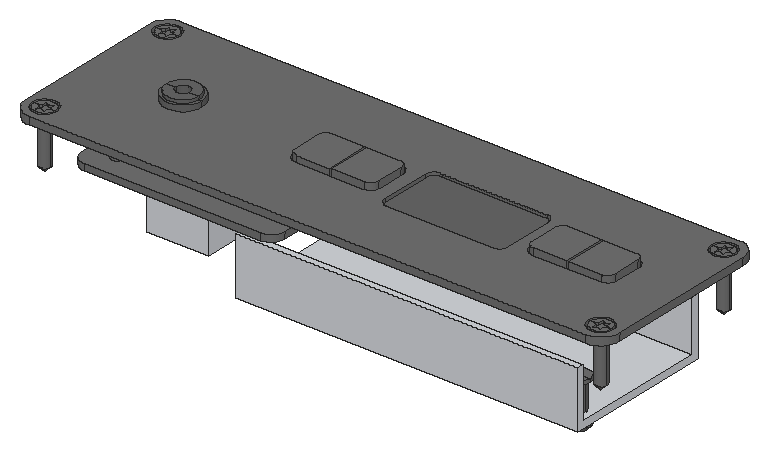
Revit family "71_98_0551", category Communication Devices, host Face, Revit 2015
Parameters
  Weight = 220
  Voltage = 48 V
  URL = "http://www.televic-conference.com"
  Type Comments = "Confidea Flushmount Channel Selector"
  Schroef = Basisplaat
  Scherm = Jack
  Product ID = "71.98.0551"
  Onderplaat = Inox
  Model = "Confidea F-CS"
  Manufacturer = "Televic Conference"
  Lengte = 155 mm
  Knoppen = Basisplaat
  Jack = Jack
  Diepte = 27.4 mm
  Default Elevation = 1219.2 mm
  Consumption = 2 W
  Breedte = 50 mm
  Basisplaat = Basisplaat
Reference planes
  plane 1 "Center (Front/Back)": y = 0
  plane 2: z = 0
  plane 3 "Center (Left/Right)": x = 0
  plane 4: x = -77.5
  plane 5: y = -25
  plane 6: y = 25
  plane 7: x = 77.5
  plane 8 "Bovenkant": z = 2
  plane 9: z = -25.4
Forms (mm)
  Extrusion 1, solid, material "Basisplaat" <- "Basisplaat"
    sketch origin (0, 0, 0) x (1, 0, 0) y (0, 1, 0)
      loop
        line (72.5, 25) -> (-72.5, 25)
        arc (-72.5, 25) -> (-76.036, 23.536) -> (-77.5, 20) r 5
        line (-77.5, 20) -> (-77.5, -20)
        arc (-77.5, -20) -> (-76.036, -23.536) -> (-72.5, -25) r 5
        line (-72.5, -25) -> (72.5, -25)
        arc (72.5, -25) -> (76.036, -23.536) -> (77.5, -20) r 5
        line (77.5, -20) -> (77.5, 20)
        arc (77.5, 20) -> (76.036, 23.536) -> (72.5, 25) r 5
    from 0 to 2
  Extrusion 2, void
    sketch origin (-37.319, 11.507, 0) x (1, 0, 0) y (0, 1, 0)
      loop
        circle (-35.181, 8.493) r 3.25
      loop
        circle (109.819, 8.493) r 3.25
      loop
        circle (-35.181, -31.507) r 3.25
      loop
        circle (109.819, -31.507) r 3.25
    from 1 to 2
  Revolve 3, solid, material "Basisplaat" <- "Schroef"
    sketch origin (0, -20, 0) x (1, 0, 0) y (0, 0, 1)
      loop
        line (-72.5, 2) -> (-75.2, 2) -> (-75.2, 1) -> (-74, 1) -> (-74, -11.5) -> (-72.5, -13) -> (-72.5, 2)
      axis (-72.5, 2) -> (-72.5, -13)
    angle from 0 to 360
  Extrusion 4, void
    sketch origin (0, 0, 0) x (1, 0, 0) y (0, 1, 0)
      loop
        line (-71.548, -21.654) -> (-71.483, -20.592) -> (-70.595, -20.004) -> (-71.483, -19.417) -> (-71.548, -18.355) -> (-72.5, -18.83) -> (-73.453, -18.355) -> (-73.518, -19.417) -> (-74.405, -20.004) -> (-73.518, -20.592) -> (-73.453, -21.654) -> (-72.5, -21.179) -> (-71.548, -21.654)
    from 1.5 to 2.5
  Revolve 5, solid, material "Basisplaat" <- "Schroef", not visible
    sketch origin (0, -20, 0) x (1, 0, 0) y (0, 0, 1)
      loop
        line (-72.5, 2) -> (-75.2, 2) -> (-75.2, 1) -> (-74, 1) -> (-74, -11.5) -> (-72.5, -13) -> (-72.5, 2)
      axis (-72.5, 2) -> (-72.5, -13)
    angle from 0 to 360
  Extrusion 6, void, not visible
    sketch origin (0, 0, 0) x (1, 0, 0) y (0, 1, 0)
      loop
        line (-71.548, -21.654) -> (-71.483, -20.592) -> (-70.595, -20.004) -> (-71.483, -19.417) -> (-71.548, -18.355) -> (-72.5, -18.83) -> (-73.453, -18.355) -> (-73.518, -19.417) -> (-74.405, -20.004) -> (-73.518, -20.592) -> (-73.453, -21.654) -> (-72.5, -21.179) -> (-71.548, -21.654)
    from 1.5 to 2.5
  Revolve 7, solid, material "Basisplaat" <- "Schroef"
    sketch origin (0, 20, 0) x (1, 0, 0) y (0, 0, 1)
      loop
        line (-72.5, 2) -> (-75.2, 2) -> (-75.2, 1) -> (-74, 1) -> (-74, -11.5) -> (-72.5, -13) -> (-72.5, 2)
      axis (-72.5, 2) -> (-72.5, -13)
    angle from 0 to 360
  Extrusion 8, void
    sketch origin (0, 40, 0) x (1, 0, 0) y (0, 1, 0)
      loop
        line (-71.548, -21.654) -> (-71.483, -20.592) -> (-70.595, -20.004) -> (-71.483, -19.417) -> (-71.548, -18.355) -> (-72.5, -18.83) -> (-73.453, -18.355) -> (-73.518, -19.417) -> (-74.405, -20.004) -> (-73.518, -20.592) -> (-73.453, -21.654) -> (-72.5, -21.179) -> (-71.548, -21.654)
    from 1.5 to 2.5
  Revolve 9, solid, material "Basisplaat" <- "Schroef"
    sketch origin (145, 20, 0) x (1, 0, 0) y (0, 0, 1)
      loop
        line (-72.5, 2) -> (-75.2, 2) -> (-75.2, 1) -> (-74, 1) -> (-74, -11.5) -> (-72.5, -13) -> (-72.5, 2)
      axis (-72.5, 2) -> (-72.5, -13)
    angle from 0 to 360
  Extrusion 10, void
    sketch origin (145, 40, 0) x (1, 0, 0) y (0, 1, 0)
      loop
        line (-71.548, -21.654) -> (-71.483, -20.592) -> (-70.595, -20.004) -> (-71.483, -19.417) -> (-71.548, -18.355) -> (-72.5, -18.83) -> (-73.453, -18.355) -> (-73.518, -19.417) -> (-74.405, -20.004) -> (-73.518, -20.592) -> (-73.453, -21.654) -> (-72.5, -21.179) -> (-71.548, -21.654)
    from 1.5 to 2.5
  Revolve 11, solid, material "Basisplaat" <- "Schroef"
    sketch origin (145, -20, 0) x (1, 0, 0) y (0, 0, 1)
      loop
        line (-72.5, 2) -> (-75.2, 2) -> (-75.2, 1) -> (-74, 1) -> (-74, -11.5) -> (-72.5, -13) -> (-72.5, 2)
      axis (-72.5, 2) -> (-72.5, -13)
    angle from 0 to 360
  Extrusion 12, void
    sketch origin (145, 0, 0) x (1, 0, 0) y (0, 1, 0)
      loop
        line (-71.548, -21.654) -> (-71.483, -20.592) -> (-70.595, -20.004) -> (-71.483, -19.417) -> (-71.548, -18.355) -> (-72.5, -18.83) -> (-73.453, -18.355) -> (-73.518, -19.417) -> (-74.405, -20.004) -> (-73.518, -20.592) -> (-73.453, -21.654) -> (-72.5, -21.179) -> (-71.548, -21.654)
    from 1.5 to 2.5
  Extrusion 13, void
    sketch origin (0, 0, 0) x (1, 0, 0) y (0, 1, 0)
      loop
        arc (-62.5, 21) -> (-66.036, 19.536) -> (-67.5, 16) r 5
        line (-67.5, 16) -> (-67.5, -16)
        arc (-67.5, -16) -> (-66.036, -19.536) -> (-62.5, -21) r 5
        line (-62.5, -21) -> (62.5, -21)
        arc (62.5, -21) -> (66.036, -19.536) -> (67.5, -16) r 5
        line (67.5, -16) -> (67.5, 16)
        arc (67.5, 16) -> (66.036, 19.536) -> (62.5, 21) r 5
        line (62.5, 21) -> (-62.5, 21)
    from 1.5 to -28
  Revolve 14, solid, material "Jack" <- "Jack"
    sketch origin (0, 0, 0) x (1, 0, 0) y (0, 0, 1)
      loop
        line (-54.3, 2) -> (-54.3, 4.3) -> (-56.709, 4.3) -> (-56.709, 3.5) -> (-57.5, 3.5) -> (-57.5, 2) -> (-54.3, 2)
      axis (-52.5, 2) -> (-52.5, 4.3)
    angle from 0 to 360
  Extrusion 15, void
    sketch origin (10.35, 0, 0) x (1, 0, 0) y (0, 1, 0)
      loop
        arc (-28.583, 6.2) -> (-30.35, 5.468) -> (-31.083, 3.7) r 2.5
        line (-31.083, 3.7) -> (-31.083, -3.7)
        arc (-31.083, -3.7) -> (-30.35, -5.468) -> (-28.583, -6.2) r 2.5
        line (-28.583, -6.2) -> (-10.883, -6.2)
        arc (-10.883, -6.2) -> (-9.115, -5.468) -> (-8.383, -3.7) r 2.5
        line (-8.383, -3.7) -> (-8.383, 3.7)
        arc (-8.383, 3.7) -> (-9.115, 5.468) -> (-10.883, 6.2) r 2.5
        line (-10.883, 6.2) -> (-28.583, 6.2)
    from 1 to 2.5
  Extrusion 16, solid, material "Basisplaat" <- "Knoppen"
    sketch origin (10.35, 0, 0) x (1, 0, 0) y (0, 1, 0)
      loop
        arc (-28.583, 5.7) -> (-29.997, 5.114) -> (-30.583, 3.7) r 2
        line (-30.583, 3.7) -> (-30.583, -3.7)
        arc (-30.583, -3.7) -> (-29.997, -5.114) -> (-28.583, -5.7) r 2
        line (-28.583, -5.7) -> (-19.933, -5.7) -> (-19.933, 5.7) -> (-28.583, 5.7)
      loop
        arc (-10.883, -5.7) -> (-9.468, -5.114) -> (-8.883, -3.7) r 2
        line (-8.883, -3.7) -> (-8.883, 3.7)
        arc (-8.883, 3.7) -> (-9.468, 5.114) -> (-10.883, 5.7) r 2
        line (-10.883, 5.7) -> (-19.533, 5.7) -> (-19.533, -5.7) -> (-10.883, -5.7)
    from 1.5 to 3.5
  Extrusion 17, void
    sketch origin (72.083, 0, 0) x (1, 0, 0) y (0, 1, 0)
      loop
        arc (-28.583, 6.2) -> (-30.35, 5.468) -> (-31.083, 3.7) r 2.5
        line (-31.083, 3.7) -> (-31.083, -3.7)
        arc (-31.083, -3.7) -> (-30.35, -5.468) -> (-28.583, -6.2) r 2.5
        line (-28.583, -6.2) -> (-10.883, -6.2)
        arc (-10.883, -6.2) -> (-9.115, -5.468) -> (-8.383, -3.7) r 2.5
        line (-8.383, -3.7) -> (-8.383, 3.7)
        arc (-8.383, 3.7) -> (-9.115, 5.468) -> (-10.883, 6.2) r 2.5
        line (-10.883, 6.2) -> (-28.583, 6.2)
    from 1 to 2.5
  Extrusion 18, solid, material "Basisplaat" <- "Knoppen"
    sketch origin (72.083, 0, 0) x (1, 0, 0) y (0, 1, 0)
      loop
        arc (-28.583, 5.7) -> (-29.997, 5.114) -> (-30.583, 3.7) r 2
        line (-30.583, 3.7) -> (-30.583, -3.7)
        arc (-30.583, -3.7) -> (-29.997, -5.114) -> (-28.583, -5.7) r 2
        line (-28.583, -5.7) -> (-19.933, -5.7) -> (-19.933, 5.7) -> (-28.583, 5.7)
      loop
        arc (-10.883, -5.7) -> (-9.468, -5.114) -> (-8.883, -3.7) r 2
        line (-8.883, -3.7) -> (-8.883, 3.7)
        arc (-8.883, 3.7) -> (-9.468, 5.114) -> (-10.883, 5.7) r 2
        line (-10.883, 5.7) -> (-19.533, 5.7) -> (-19.533, -5.7) -> (-10.883, -5.7)
    from 1.5 to 3.5
  Extrusion 19, void
    sketch origin (36.483, 0, 0) x (1, 0, 0) y (0, 1, 0)
      loop
        arc (-28.583, 8.95) -> (-30.35, 8.218) -> (-31.083, 6.45) r 2.5
        line (-31.083, 6.45) -> (-31.083, -6.45)
        arc (-31.083, -6.45) -> (-30.35, -8.218) -> (-28.583, -8.95) r 2.5
        line (-28.583, -8.95) -> (-1.383, -8.95)
        arc (-1.383, -8.95) -> (0.385, -8.218) -> (1.117, -6.45) r 2.5
        line (1.117, -6.45) -> (1.117, 6.45)
        arc (1.117, 6.45) -> (0.385, 8.218) -> (-1.383, 8.95) r 2.5
        line (-1.383, 8.95) -> (-28.583, 8.95)
    from 0.715 to 2.5
  Extrusion 20, solid, material "Jack" <- "Scherm"
    sketch origin (39.608, 0, 0) x (1, 0, 0) y (0, 1, 0)
      loop
        line (-31.708, -8.45) -> (-4.508, -8.45)
        arc (-4.508, -8.45) -> (-3.093, -7.864) -> (-2.508, -6.45) r 2
        line (-2.508, -6.45) -> (-2.508, 6.45)
        arc (-2.508, 6.45) -> (-3.093, 7.864) -> (-4.508, 8.45) r 2
        line (-4.508, 8.45) -> (-31.708, 8.45)
        arc (-31.708, 8.45) -> (-33.122, 7.864) -> (-33.708, 6.45) r 2
        line (-33.708, 6.45) -> (-33.708, -6.45)
        arc (-33.708, -6.45) -> (-33.122, -7.864) -> (-31.708, -8.45) r 2
    from 0 to 1.5
  Extrusion 21, void, not visible
    sketch origin (38.958, 0, 0) x (1, 0, 0) y (0, 1, 0)
      loop
        arc (-28.583, 8.95) -> (-30.35, 8.218) -> (-31.083, 6.45) r 2.5
        line (-31.083, 6.45) -> (-31.083, -6.45)
        arc (-31.083, -6.45) -> (-30.35, -8.218) -> (-28.583, -8.95) r 2.5
        line (-28.583, -8.95) -> (-1.383, -8.95)
        arc (-1.383, -8.95) -> (0.385, -8.218) -> (1.117, -6.45) r 2.5
        line (1.117, -6.45) -> (1.117, 6.45)
        arc (1.117, 6.45) -> (0.385, 8.218) -> (-1.383, 8.95) r 2.5
        line (-1.383, 8.95) -> (-28.583, 8.95)
    from 0.715 to 2.5
  Extrusion 22, solid, material "Jack" <- "Scherm", not visible
    sketch origin (42.083, 0, 0) x (1, 0, 0) y (0, 1, 0)
      loop
        line (-31.708, -8.45) -> (-4.508, -8.45)
        arc (-4.508, -8.45) -> (-3.093, -7.864) -> (-2.508, -6.45) r 2
        line (-2.508, -6.45) -> (-2.508, 6.45)
        arc (-2.508, 6.45) -> (-3.093, 7.864) -> (-4.508, 8.45) r 2
        line (-4.508, 8.45) -> (-31.708, 8.45)
        arc (-31.708, 8.45) -> (-33.122, 7.864) -> (-33.708, 6.45) r 2
        line (-33.708, 6.45) -> (-33.708, -6.45)
        arc (-33.708, -6.45) -> (-33.122, -7.864) -> (-31.708, -8.45) r 2
    from 0 to 1.5
  Extrusion 23, solid, material "Basisplaat" <- "Basisplaat"
    sketch origin (0, 0, 0) x (1, 0, 0) y (0, 1, 0)
      loop
        arc (-62.5, 19.5) -> (-64.975, 18.475) -> (-66, 16) r 3.5
        line (-66, 16) -> (-66, -16)
        arc (-66, -16) -> (-64.975, -18.475) -> (-62.5, -19.5) r 3.5
        line (-62.5, -19.5) -> (-16.55, -19.5)
        arc (-16.55, -19.5) -> (-14.075, -18.475) -> (-13.05, -16) r 3.5
        line (-13.05, -16) -> (-13.05, 16)
        arc (-13.05, 16) -> (-14.075, 18.475) -> (-16.55, 19.5) r 3.5
        line (-16.55, 19.5) -> (-62.5, 19.5)
    from -9.7 to -8
  Extrusion 24, solid
    sketch origin (0, 0, 0) x (1, 0, 0) y (0, 1, 0)
      loop
        line (-55.417, 8) -> (-55.417, -8) -> (-39.417, -8) -> (-39.417, 8) -> (-55.417, 8)
    from -26.5 to -9.7
  Extrusion 25, solid
    sketch origin (0, 0, 0) x (0, 1, 0) y (0, 0, 1)
      loop
        line (-19.5, -10.4) -> (-19.5, -25.4) -> (19.5, -25.4) -> (19.5, -10.4) -> (17.8, -10.4) -> (17.8, -23.7) -> (-17.8, -23.7) -> (-17.8, -10.4) -> (-19.5, -10.4)
    from -23 to 66
  Revolve 26, solid, material "Basisplaat" <- "Schroef"
    sketch origin (-131.746, -13.125, -10.5) x (-1, 0, 0) y (0, 0, -1)
      loop
        line (-74.622, 1.547) -> (-75.2, 0.721) -> (-75.2, -0.8) -> (-74, -0.8) -> (-74, -9.7) -> (-75.2, -9.7) -> (-75.2, -10.5) -> (-72.5, -10.5) -> (-72.5, 1.547) -> (-74.622, 1.547)
      axis (-72.5, 1.547) -> (-72.5, -10.5)
    angle from 0 to 360
  Revolve 27, solid, material "Basisplaat" <- "Schroef"
    sketch origin (-91.75, 14.375, -26.2) x (-1, 0, 0) y (0, 0, -1)
      loop
        line (-74.622, 1.547) -> (-75.2, 0.721) -> (-75.2, -0.8) -> (-74, -0.8) -> (-74, -9.7) -> (-75.2, -9.7) -> (-75.2, -10.5) -> (-72.5, -10.5) -> (-72.5, 1.547) -> (-74.622, 1.547)
      axis (-72.5, 1.547) -> (-72.5, -10.5)
    angle from 0 to 360
  Revolve 28, solid, material "Basisplaat" <- "Schroef"
    sketch origin (134.75, -14.063, -26.2) x (1, 0, 0) y (0, 0, 1)
      loop
        line (-74.622, -1.547) -> (-72.5, -1.547) -> (-72.5, 10.5) -> (-75.2, 10.5) -> (-75.2, 9.7) -> (-74, 9.7) -> (-74, 0.8) -> (-75.2, 0.8) -> (-75.2, -0.721) -> (-74.622, -1.547)
      axis (-72.5, -1.547) -> (-72.5, 10.5)
    angle from 0 to 360
  Revolve 29, solid, material "Basisplaat" <- "Schroef"
    sketch origin (-131.746, 13.125, -10.5) x (-1, 0, 0) y (0, 0, 1)
      loop
        line (-74.622, -1.547) -> (-72.5, -1.547) -> (-72.5, 10.5) -> (-75.2, 10.5) -> (-75.2, 9.7) -> (-74, 9.7) -> (-74, 0.8) -> (-75.2, 0.8) -> (-75.2, -0.721) -> (-74.622, -1.547)
      axis (-72.5, -1.547) -> (-72.5, 10.5)
    angle from 0 to 360
  Extrusion 30, void, not visible
    sketch origin (10.35, 0, 0) x (1, 0, 0) y (0, 1, 0)
      loop
        arc (-28.583, 6.2) -> (-30.35, 5.468) -> (-31.083, 3.7) r 2.5
        line (-31.083, 3.7) -> (-31.083, -3.7)
        arc (-31.083, -3.7) -> (-30.35, -5.468) -> (-28.583, -6.2) r 2.5
        line (-28.583, -6.2) -> (-10.883, -6.2)
        arc (-10.883, -6.2) -> (-9.115, -5.468) -> (-8.383, -3.7) r 2.5
        line (-8.383, -3.7) -> (-8.383, 3.7)
        arc (-8.383, 3.7) -> (-9.115, 5.468) -> (-10.883, 6.2) r 2.5
        line (-10.883, 6.2) -> (-28.583, 6.2)
    from 1 to 2.5
  Extrusion 31, solid, material "Basisplaat" <- "Knoppen", not visible
    sketch origin (10.35, 0, 0) x (1, 0, 0) y (0, 1, 0)
      loop
        arc (-28.583, 5.7) -> (-29.997, 5.114) -> (-30.583, 3.7) r 2
        line (-30.583, 3.7) -> (-30.583, -3.7)
        arc (-30.583, -3.7) -> (-29.997, -5.114) -> (-28.583, -5.7) r 2
        line (-28.583, -5.7) -> (-19.933, -5.7) -> (-19.933, 5.7) -> (-28.583, 5.7)
      loop
        arc (-10.883, -5.7) -> (-9.468, -5.114) -> (-8.883, -3.7) r 2
        line (-8.883, -3.7) -> (-8.883, 3.7)
        arc (-8.883, 3.7) -> (-9.468, 5.114) -> (-10.883, 5.7) r 2
        line (-10.883, 5.7) -> (-19.533, 5.7) -> (-19.533, -5.7) -> (-10.883, -5.7)
    from 1.5 to 3.5
  Extrusion 32, void, not visible
    sketch origin (-11.117, -21.138, 61.189) x (1, 0, 0) y (0, 0.5, 0.866025)
      loop
        arc (-28.583, 6.2) -> (-30.35, 5.468) -> (-31.083, 3.7) r 2.5
        line (-31.083, 3.7) -> (-31.083, -3.7)
        arc (-31.083, -3.7) -> (-30.35, -5.468) -> (-28.583, -6.2) r 2.5
        line (-28.583, -6.2) -> (-21.183, -6.2)
        arc (-21.183, -6.2) -> (-19.415, -5.468) -> (-18.683, -3.7) r 2.5
        line (-18.683, -3.7) -> (-18.683, 3.7)
        arc (-18.683, 3.7) -> (-19.415, 5.468) -> (-21.183, 6.2) r 2.5
        line (-21.183, 6.2) -> (-28.583, 6.2)
    from 1.5 to 2.5
  Extrusion 33, solid, material "Basisplaat" <- "Knoppen", not visible
    sketch origin (-11.117, -21.138, 61.189) x (1, 0, 0) y (0, 0.5, 0.866025)
      loop
        arc (-28.583, 5.7) -> (-29.997, 5.114) -> (-30.583, 3.7) r 2
        line (-30.583, 3.7) -> (-30.583, -3.7)
        arc (-30.583, -3.7) -> (-29.997, -5.114) -> (-28.583, -5.7) r 2
        line (-28.583, -5.7) -> (-21.183, -5.7)
        arc (-21.183, -5.7) -> (-19.768, -5.114) -> (-19.183, -3.7) r 2
        line (-19.183, -3.7) -> (-19.183, 3.7)
        arc (-19.183, 3.7) -> (-19.768, 5.114) -> (-21.183, 5.7) r 2
        line (-21.183, 5.7) -> (-28.583, 5.7)
    from 1.5 to 3.5
Cuts and joins
  Extrusion 4, Extrusion 8 cuts Revolve 3
  Extrusion 8, Extrusion 10 cuts Revolve 7
  Extrusion 10, Extrusion 12 cuts Revolve 9
  Extrusion 12 cuts Revolve 11
  Extrusion 2, Extrusion 15, Extrusion 17, Extrusion 19 cuts Extrusion 1
  Extrusion 17 cuts Extrusion 16
  Extrusion 19 cuts Extrusion 18
Lines and regions (mm)
  reference lines
    curve 1: line (-72.5, -30, 0) -> (-72.5, 35, 0)
    curve 2: line (72.5, 35, 0) -> (72.5, -30, 0)
    curve 3: line (-87.5, -20, 0) -> (87.5, -20, 0)
    curve 4: line (87.5, 20, 0) -> (-87.5, 20, 0)
    curve 14: line (21.5, 17.109, 0) -> (21.5, -35.262, 0)
  model lines, style "InvisibleLines"
    curve 5: arc (-71, 20, 0) -> (-72.5, 18.5, 0) -> (-74, 20, 0) r 1.5
    curve 6: arc (-74, -20, 0) -> (-72.5, -18.5, 0) -> (-71, -20, 0) r 1.5
    curve 7: arc (-71, -20, 0) -> (-72.5, -21.5, 0) -> (-74, -20, 0) r 1.5
    curve 10: arc (71, 20, 0) -> (72.5, 21.5, 0) -> (74, 20, 0) r 1.5
    curve 11: arc (74, 20, 0) -> (72.5, 18.5, 0) -> (71, 20, 0) r 1.5
    curve 12: arc (71, -20, 0) -> (72.5, -18.5, 0) -> (74, -20, 0) r 1.5
    curve 13: arc (74, -20, 0) -> (72.5, -21.5, 0) -> (71, -20, 0) r 1.5
    curve 15: arc (-60.746, -20, 0) -> (-59.246, -18.5, 0) -> (-57.746, -20, 0) r 1.5
    curve 16: arc (-57.746, -20, 0) -> (-59.246, -21.5, 0) -> (-60.746, -20, 0) r 1.5
  model lines, style "InvisibleLines", not visible
    curve 8: arc (-74, -20, 0) -> (-72.5, -18.5, 0) -> (-71, -20, 0) r 1.5
    curve 9: arc (-71, -20, 0) -> (-72.5, -21.5, 0) -> (-74, -20, 0) r 1.5
  model lines
    curve 17: line (-16.68, 0, 3.5) -> (-13.253, 4.085, 3.5)
    curve 18: line (-16.68, 0, 3.5) -> (-13.253, -4.085, 3.5)
    curve 19: line (-15.649, 0, 3.5) -> (-12.692, 3.524, 3.5)
    curve 20: line (-15.649, 0, 3.5) -> (-12.692, -3.524, 3.5)
    curve 21: line (-13.253, -4.085, 3.5) -> (-12.692, -3.524, 3.5)
    curve 22: line (-13.253, 4.085, 3.5) -> (-12.692, 3.524, 3.5)
    curve 23: line (-2.085, 0, 3.5) -> (-5.513, 4.085, 3.5)
    curve 24: line (-2.085, 0, 3.5) -> (-5.513, -4.085, 3.5)
    curve 25: line (-3.116, 0, 3.5) -> (-6.074, 3.524, 3.5)
    curve 26: line (-3.116, 0, 3.5) -> (-6.074, -3.524, 3.5)
    curve 27: line (-5.513, -4.085, 3.5) -> (-6.074, -3.524, 3.5)
    curve 28: line (-5.513, 4.085, 3.5) -> (-6.074, 3.524, 3.5)
    curve 29: line (45.052, 0, 3.5) -> (48.48, 4.085, 3.5)
    curve 30: line (45.052, 0, 3.5) -> (48.48, -4.085, 3.5)
    curve 31: line (46.084, 0, 3.5) -> (49.041, 3.524, 3.5)
    curve 32: line (46.084, 0, 3.5) -> (49.041, -3.524, 3.5)
    curve 33: line (48.48, -4.085, 3.5) -> (49.041, -3.524, 3.5)
    curve 34: line (48.48, 4.085, 3.5) -> (49.041, 3.524, 3.5)
    curve 35: line (59.648, 0, 3.5) -> (56.22, 4.085, 3.5)
    curve 36: line (59.648, 0, 3.5) -> (56.22, -4.085, 3.5)
    curve 37: line (58.616, 0, 3.5) -> (55.659, 3.524, 3.5)
    curve 38: line (58.616, 0, 3.5) -> (55.659, -3.524, 3.5)
    curve 39: line (56.22, -4.085, 3.5) -> (55.659, -3.524, 3.5)
    curve 40: line (56.22, 4.085, 3.5) -> (55.659, 3.524, 3.5)
  model lines, not visible
    curve 41: line (-16.68, 0, 3.5) -> (-13.253, 4.085, 3.5)
    curve 42: line (-16.68, 0, 3.5) -> (-13.253, -4.085, 3.5)
    curve 43: line (-15.649, 0, 3.5) -> (-12.692, 3.524, 3.5)
    curve 44: line (-15.649, 0, 3.5) -> (-12.692, -3.524, 3.5)
    curve 45: line (-13.253, -4.085, 3.5) -> (-12.692, -3.524, 3.5)
    curve 46: line (-13.253, 4.085, 3.5) -> (-12.692, 3.524, 3.5)
    curve 47: line (-2.085, 0, 3.5) -> (-5.513, 4.085, 3.5)
    curve 48: line (-2.085, 0, 3.5) -> (-5.513, -4.085, 3.5)
    curve 49: line (-3.116, 0, 3.5) -> (-6.074, 3.524, 3.5)
    curve 50: line (-3.116, 0, 3.5) -> (-6.074, -3.524, 3.5)
    curve 51: line (-5.513, -4.085, 3.5) -> (-6.074, -3.524, 3.5)
    curve 52: line (-5.513, 4.085, 3.5) -> (-6.074, 3.524, 3.5)
Dimensions and locks
  equal spacing: plane 4, plane 3 "Center (Left/Right)", plane 7
  "Lengte": plane 4 to plane 7
  equal spacing: plane 5, plane 1 "Center (Front/Back)", plane 6
  "Breedte": plane 5 to plane 6
  "Diepte": plane 8 "Bovenkant" to plane 9
  plane 4 to Extrusion 13 sketch curve = 10 mm
  Extrusion 13 sketch curve to plane 7 = 10 mm
  Extrusion 13 sketch curve to plane 5 = 4 mm
  Extrusion 13 sketch curve to plane 6 = 4 mm
  Extrusion 15 sketch curve to Extrusion 15 sketch curve = 12.4 mm
  Extrusion 15 sketch curve to Extrusion 15 sketch curve = 22.7 mm
  Extrusion 16 sketch curve to Extrusion 16 sketch curve = 11.4 mm
  Extrusion 17 sketch curve to Extrusion 17 sketch curve = 12.4 mm
  Extrusion 17 sketch curve to Extrusion 17 sketch curve = 22.7 mm
  Extrusion 18 sketch curve to Extrusion 18 sketch curve = 11.4 mm
  Extrusion 19 sketch curve to Extrusion 19 sketch curve = 17.9 mm
  Extrusion 19 sketch curve to Extrusion 19 sketch curve = 32.2 mm
  Extrusion 21 sketch curve to Extrusion 21 sketch curve = 17.9 mm
  Extrusion 21 sketch curve to Extrusion 21 sketch curve = 32.2 mm
  Extrusion 30 sketch curve to Extrusion 30 sketch curve = 12.4 mm
  Extrusion 30 sketch curve to Extrusion 30 sketch curve = 22.7 mm
  Extrusion 31 sketch curve to Extrusion 31 sketch curve = 11.4 mm
  Extrusion 32 sketch curve to Extrusion 32 sketch curve = 12.4 mm  (x2)
  Extrusion 33 sketch curve to Extrusion 33 sketch curve = 11.4 mm
  aligned and locked: plane 2 to host face
  aligned and locked: level to host face
  aligned and locked: Extrusion 1 sketch curve to plane 7
  aligned and locked: Extrusion 1 sketch curve to plane 5
  aligned and locked: Extrusion 1 sketch curve to plane 4
  aligned and locked: Extrusion 1 sketch curve to plane 6
  aligned and locked: curve 3 to Revolve 3
Automatic sketch dimensions
  Revolve 3 sketch curve to Revolve 3 sketch curve = 1.5 mm  (x2)
  Extrusion 4 sketch curve to Extrusion 4 sketch curve = 0.888 mm  (x3)
  Extrusion 4 sketch curve to Extrusion 4 sketch curve = 0.065 mm  (x4)
  Extrusion 4 sketch curve to Extrusion 4 sketch curve = 0.952 mm  (x2)
  Extrusion 4 sketch curve to Extrusion 4 sketch curve = 0.953 mm  (x2)
  Extrusion 4 sketch curve to Extrusion 4 sketch curve = 0 mm
  Extrusion 4 sketch curve to Extrusion 4 sketch curve = 0.475 mm
  Extrusion 4 sketch curve to Extrusion 4 sketch curve = 1.062 mm  (x4)
  Extrusion 4 sketch curve to Extrusion 4 sketch curve = 0.587 mm  (x5)
  Revolve 3 sketch curve to Revolve 3 sketch curve = 1.2 mm
  Revolve 3 sketch curve to Revolve 3 sketch curve = 12.5 mm
  Revolve 3 sketch curve to Revolve 3 sketch curve = 1 mm
  Revolve 3 sketch curve to Revolve 3 sketch curve = 0 mm
  Revolve 3 sketch curve to Revolve 3 sketch curve = 7.636 mm
  Revolve 3 sketch curve to Revolve 3 sketch curve = 5.441 mm
  Revolve 5 sketch curve to Revolve 5 sketch curve = 1.5 mm  (x2)
  Extrusion 6 sketch curve to Extrusion 6 sketch curve = 0.888 mm  (x3)
  Extrusion 6 sketch curve to Extrusion 6 sketch curve = 0.065 mm  (x4)
  Extrusion 6 sketch curve to Extrusion 6 sketch curve = 0.952 mm  (x2)
  Extrusion 6 sketch curve to Extrusion 6 sketch curve = 0.953 mm  (x2)
  Extrusion 6 sketch curve to Extrusion 6 sketch curve = 0 mm
  Extrusion 6 sketch curve to Extrusion 6 sketch curve = 0.475 mm
  Extrusion 6 sketch curve to Extrusion 6 sketch curve = 1.062 mm  (x4)
  Extrusion 6 sketch curve to Extrusion 6 sketch curve = 0.587 mm  (x5)
  Revolve 5 sketch curve to Revolve 5 sketch curve = 1.2 mm
  Revolve 5 sketch curve to Revolve 5 sketch curve = 12.5 mm
  Revolve 5 sketch curve to Revolve 5 sketch curve = 1 mm
  Revolve 5 sketch curve to Revolve 5 sketch curve = 0 mm
  Revolve 5 sketch curve to Revolve 5 sketch curve = 7.636 mm
  Revolve 5 sketch curve to Revolve 5 sketch curve = 5.441 mm
  Revolve 7 sketch curve to Revolve 7 sketch curve = 1.5 mm  (x2)
  Extrusion 8 sketch curve to Extrusion 8 sketch curve = 0.888 mm  (x3)
  Extrusion 8 sketch curve to Extrusion 8 sketch curve = 0.065 mm  (x4)
  Extrusion 8 sketch curve to Extrusion 8 sketch curve = 0.952 mm  (x2)
  Extrusion 8 sketch curve to Extrusion 8 sketch curve = 0.953 mm  (x2)
  Extrusion 8 sketch curve to Extrusion 8 sketch curve = 0 mm
  Extrusion 8 sketch curve to Extrusion 8 sketch curve = 0.475 mm
  Extrusion 8 sketch curve to Extrusion 8 sketch curve = 1.062 mm  (x4)
  Extrusion 8 sketch curve to Extrusion 8 sketch curve = 0.587 mm  (x5)
  Revolve 7 sketch curve to Revolve 7 sketch curve = 1.2 mm
  Revolve 7 sketch curve to Revolve 7 sketch curve = 12.5 mm
  Revolve 7 sketch curve to Revolve 7 sketch curve = 1 mm
  Revolve 7 sketch curve to Revolve 7 sketch curve = 0 mm
  Revolve 7 sketch curve to Revolve 7 sketch curve = 7.636 mm
  Revolve 7 sketch curve to Revolve 7 sketch curve = 5.441 mm
  Revolve 9 sketch curve to Revolve 9 sketch curve = 1.5 mm  (x2)
  Extrusion 10 sketch curve to Extrusion 10 sketch curve = 0.888 mm  (x3)
  Extrusion 10 sketch curve to Extrusion 10 sketch curve = 0.065 mm  (x4)
  Extrusion 10 sketch curve to Extrusion 10 sketch curve = 0.952 mm  (x2)
  Extrusion 10 sketch curve to Extrusion 10 sketch curve = 0.953 mm  (x2)
  Extrusion 10 sketch curve to Extrusion 10 sketch curve = 0 mm
  Extrusion 10 sketch curve to Extrusion 10 sketch curve = 0.475 mm
  Extrusion 10 sketch curve to Extrusion 10 sketch curve = 1.062 mm  (x4)
  Extrusion 10 sketch curve to Extrusion 10 sketch curve = 0.587 mm  (x5)
  Revolve 9 sketch curve to Revolve 9 sketch curve = 1.2 mm
  Revolve 9 sketch curve to Revolve 9 sketch curve = 12.5 mm
  Revolve 9 sketch curve to Revolve 9 sketch curve = 1 mm
  Revolve 9 sketch curve to Revolve 9 sketch curve = 0 mm
  Revolve 9 sketch curve to Revolve 9 sketch curve = 7.636 mm
  Revolve 9 sketch curve to Revolve 9 sketch curve = 5.441 mm
  Revolve 11 sketch curve to Revolve 11 sketch curve = 1.5 mm  (x2)
  Extrusion 12 sketch curve to Extrusion 12 sketch curve = 0.888 mm  (x3)
  Extrusion 12 sketch curve to Extrusion 12 sketch curve = 0.065 mm  (x4)
  Extrusion 12 sketch curve to Extrusion 12 sketch curve = 0.952 mm  (x2)
  Extrusion 12 sketch curve to Extrusion 12 sketch curve = 0.953 mm  (x2)
  Extrusion 12 sketch curve to Extrusion 12 sketch curve = 0 mm
  Extrusion 12 sketch curve to Extrusion 12 sketch curve = 0.475 mm
  Extrusion 12 sketch curve to Extrusion 12 sketch curve = 1.062 mm  (x4)
  Extrusion 12 sketch curve to Extrusion 12 sketch curve = 0.587 mm  (x5)
  Revolve 11 sketch curve to Revolve 11 sketch curve = 1.2 mm
  Revolve 11 sketch curve to Revolve 11 sketch curve = 12.5 mm
  Revolve 11 sketch curve to Revolve 11 sketch curve = 1 mm
  Revolve 11 sketch curve to Revolve 11 sketch curve = 0 mm
  Revolve 11 sketch curve to Revolve 11 sketch curve = 7.636 mm
  Revolve 11 sketch curve to Revolve 11 sketch curve = 5.441 mm
  curve 7 to curve 6 = 1.5 mm
  curve 6 to curve 7 = 0 mm  (x2)
  curve 9 to curve 8 = 1.5 mm
  curve 8 to curve 9 = 0 mm  (x2)
  curve 11 to curve 10 = 1.5 mm
  curve 10 to curve 11 = 0 mm  (x2)
  curve 13 to curve 12 = 1.5 mm
  curve 12 to curve 13 = 0 mm  (x2)
  Extrusion 19 sketch curve to Extrusion 19 sketch curve = 2.5 mm  (x3)
  Extrusion 19 sketch curve to Extrusion 19 sketch curve = 0 mm
  Extrusion 20 sketch curve to Extrusion 20 sketch curve = 2 mm  (x3)
  Extrusion 20 sketch curve to Extrusion 20 sketch curve = 27.2 mm
  Extrusion 20 sketch curve to Extrusion 20 sketch curve = 0 mm
  Extrusion 20 sketch curve to Extrusion 20 sketch curve = 12.9 mm
  Extrusion 21 sketch curve to Extrusion 21 sketch curve = 2.5 mm  (x3)
  Extrusion 21 sketch curve to Extrusion 21 sketch curve = 0 mm
  Extrusion 22 sketch curve to Extrusion 22 sketch curve = 2 mm  (x3)
  Extrusion 22 sketch curve to Extrusion 22 sketch curve = 27.2 mm
  Extrusion 22 sketch curve to Extrusion 22 sketch curve = 0 mm
  Extrusion 22 sketch curve to Extrusion 22 sketch curve = 12.9 mm
  curve 15 to curve 16 = 1.5 mm
  curve 15 to curve 16 = 0 mm  (x2)
  plane 5 to curve 16 = 5 mm
  plane 4 to curve 16 = 18.254 mm
  curve 16 to curve 15 = 1.5 mm
  host sketch curve to host sketch curve = 232.853 mm
  host sketch curve to host sketch curve = 311.115 mm
  plane 4 to Extrusion 1 sketch curve = 5 mm
  Extrusion 1 sketch curve to Extrusion 1 sketch curve = 5 mm  (x2)
  Extrusion 1 sketch curve to plane 7 = 5 mm
  Extrusion 1 sketch curve to Extrusion 1 sketch curve = 0 mm
  plane 4 to Extrusion 2 sketch curve = 5 mm  (x2)
  Extrusion 2 sketch curve to plane 7 = 5 mm  (x2)
  plane 5 to Extrusion 2 sketch curve = 5 mm  (x2)
  plane 6 to Extrusion 2 sketch curve = 5 mm  (x2)
  curve 3 to plane 4 = 10 mm
  curve 14 to plane 5 = 10.262 mm
  curve 4 to plane 4 = 10 mm
  plane 4 to curve 1 = 5 mm
  plane 6 to curve 14 = 7.891 mm
  plane 3 "Center (Left/Right)" to curve 14 = 21.5 mm
  curve 2 to plane 7 = 5 mm
  plane 5 to curve 3 = 5 mm
  plane 7 to curve 3 = 10 mm
  plane 6 to curve 4 = 5 mm
  plane 7 to curve 4 = 10 mm
  curve 1 to plane 5 = 5 mm
  curve 2 to plane 5 = 5 mm
  curve 1 to plane 6 = 10 mm
  curve 2 to plane 6 = 10 mm
  Extrusion 13 sketch curve to Extrusion 13 sketch curve = 5 mm  (x4)
  Revolve 14 sketch curve to plane 8 "Bovenkant" = 0 mm
  plane 4 to Revolve 14 sketch curve = 20 mm
  Revolve 14 sketch curve to Revolve 14 sketch curve = 0.791 mm
  Revolve 14 sketch curve to Revolve 14 sketch curve = 2.409 mm
  Revolve 14 sketch curve to Revolve 14 sketch curve = 1.5 mm
  Revolve 14 sketch curve to Revolve 14 sketch curve = 2.3 mm
  Revolve 14 sketch curve to Revolve 14 sketch curve = 1.8 mm
  Revolve 14 sketch curve to level = 5.473 mm
  Revolve 14 sketch curve to Revolve 14 sketch curve = 6.121 mm
  plane 4 to Extrusion 23 sketch curve = 11.5 mm
  Extrusion 23 sketch curve to Extrusion 23 sketch curve = 3.5 mm  (x3)
  plane 5 to Extrusion 23 sketch curve = 5.5 mm
  Extrusion 23 sketch curve to plane 3 "Center (Left/Right)" = 16.55 mm  (x2)
  plane 6 to Extrusion 23 sketch curve = 9 mm
  plane 1 "Center (Front/Back)" to Extrusion 24 sketch curve = 8 mm
  plane 4 to Extrusion 24 sketch curve = 22.083 mm
  Extrusion 24 sketch curve to Extrusion 24 sketch curve = 16 mm
  Extrusion 24 sketch curve to plane 1 "Center (Front/Back)" = 8 mm
  Extrusion 25 sketch curve to plane 9 = 0 mm
  plane 5 to Extrusion 25 sketch curve = 5.5 mm
  Extrusion 25 sketch curve to Extrusion 25 sketch curve = 1.7 mm  (x2)
  plane 9 to Extrusion 25 sketch curve = 1.7 mm
  plane 6 to Extrusion 25 sketch curve = 7.2 mm
  Extrusion 25 sketch curve to level = 10.4 mm  (x2)
  Revolve 26 sketch curve to level = 0 mm
  plane 4 to Revolve 26 sketch curve = 20.954 mm
  Revolve 26 sketch curve to Revolve 26 sketch curve = 0 mm  (x2)
  Revolve 26 sketch curve to Revolve 26 sketch curve = 0.578 mm
  Revolve 26 sketch curve to Revolve 26 sketch curve = 1.2 mm
  Revolve 26 sketch curve to Revolve 26 sketch curve = 2.122 mm
  Revolve 26 sketch curve to level = 0.8 mm
  Revolve 26 sketch curve to Revolve 26 sketch curve = 8.9 mm
  Revolve 26 sketch curve to Revolve 26 sketch curve = 1.521 mm
  Revolve 26 sketch curve to Revolve 26 sketch curve = 2.347 mm
  plane 8 "Bovenkant" to Revolve 26 sketch curve = 8.136 mm
  Revolve 26 sketch curve to Revolve 26 sketch curve = 5.894 mm
  Revolve 27 sketch curve to plane 9 = 0 mm
  Revolve 27 sketch curve to plane 3 "Center (Left/Right)" = 16.55 mm
  Revolve 27 sketch curve to plane 9 = 1.521 mm
  Revolve 27 sketch curve to Revolve 27 sketch curve = 0 mm  (x2)
  Revolve 27 sketch curve to Revolve 27 sketch curve = 0.578 mm
  Revolve 27 sketch curve to Revolve 27 sketch curve = 1.2 mm
  Revolve 27 sketch curve to Revolve 27 sketch curve = 2.122 mm
  Revolve 27 sketch curve to Revolve 27 sketch curve = 8.9 mm
  Revolve 27 sketch curve to Revolve 27 sketch curve = 0.8 mm
  Revolve 27 sketch curve to plane 9 = 2.347 mm
  Revolve 27 sketch curve to level = 5.564 mm
  Revolve 27 sketch curve to Revolve 27 sketch curve = 5.894 mm
  Revolve 28 sketch curve to plane 9 = 0 mm
  Revolve 28 sketch curve to plane 7 = 17.95 mm
  Revolve 28 sketch curve to plane 9 = 1.521 mm
  Revolve 28 sketch curve to Revolve 28 sketch curve = 0 mm  (x2)
  Revolve 28 sketch curve to Revolve 28 sketch curve = 0.578 mm
  Revolve 28 sketch curve to Revolve 28 sketch curve = 1.2 mm
  Revolve 28 sketch curve to Revolve 28 sketch curve = 2.122 mm
  Revolve 28 sketch curve to Revolve 28 sketch curve = 0.826 mm
  Revolve 28 sketch curve to Revolve 28 sketch curve = 8.9 mm
  Revolve 28 sketch curve to Revolve 28 sketch curve = 0.8 mm
  Revolve 28 sketch curve to Revolve 28 sketch curve = 5.894 mm
  Revolve 28 sketch curve to level = 5.564 mm
  Revolve 29 sketch curve to level = 0 mm
  plane 4 to Revolve 29 sketch curve = 20.954 mm
  Revolve 29 sketch curve to Revolve 29 sketch curve = 0 mm  (x2)
  Revolve 29 sketch curve to Revolve 29 sketch curve = 0.578 mm
  Revolve 29 sketch curve to Revolve 29 sketch curve = 1.2 mm
  Revolve 29 sketch curve to Revolve 29 sketch curve = 2.122 mm
  Revolve 29 sketch curve to level = 0.8 mm
  Revolve 29 sketch curve to Revolve 29 sketch curve = 8.9 mm
  Revolve 29 sketch curve to Revolve 29 sketch curve = 1.521 mm
  Revolve 29 sketch curve to Revolve 29 sketch curve = 0.826 mm
  Revolve 29 sketch curve to Revolve 29 sketch curve = 5.894 mm
  plane 8 "Bovenkant" to Revolve 29 sketch curve = 8.136 mm
  Extrusion 15 sketch curve to Extrusion 15 sketch curve = 2.5 mm  (x4)
  Extrusion 16 sketch curve to Extrusion 16 sketch curve = 2 mm  (x3)
  Extrusion 16 sketch curve to Extrusion 16 sketch curve = 8.65 mm  (x2)
  Extrusion 16 sketch curve to Extrusion 16 sketch curve = 0.4 mm
  Extrusion 16 sketch curve to Extrusion 16 sketch curve = 0 mm  (x2)
  Extrusion 16 sketch curve to Extrusion 16 sketch curve = 7.4 mm  (x2)
  curve 17 to curve 20 = 1.031 mm
  curve 19 to curve 22 = 2.397 mm
  curve 19 to curve 21 = 2.397 mm
  curve 21 to curve 21 = 0.561 mm  (x2)
  curve 17 to curve 22 = 0.561 mm
  curve 19 to curve 28 = 6.618 mm
  curve 20 to curve 27 = 6.618 mm
  curve 26 to curve 24 = 0.561 mm
  curve 25 to curve 28 = 0.561 mm  (x2)
  curve 28 to curve 26 = 2.957 mm
  curve 25 to curve 23 = 1.031 mm
  curve 18 to curve 24 = 0 mm
  curve 24 to curve 27 = 0.561 mm
  curve 20 to curve 20 = 3.524 mm
  curve 18 to curve 19 = 0 mm
  curve 27 to curve 26 = 3.524 mm
  curve 25 to curve 23 = 0 mm
  curve 25 to curve 25 = 3.524 mm
  curve 19 to curve 22 = 3.524 mm
  curve 22 to curve 17 = 0.561 mm
  Extrusion 17 sketch curve to Extrusion 17 sketch curve = 2.5 mm  (x4)
  Extrusion 18 sketch curve to Extrusion 18 sketch curve = 2 mm  (x3)
  Extrusion 18 sketch curve to Extrusion 18 sketch curve = 8.65 mm  (x2)
  Extrusion 18 sketch curve to Extrusion 18 sketch curve = 0.4 mm
  Extrusion 18 sketch curve to Extrusion 18 sketch curve = 0 mm  (x2)
  Extrusion 18 sketch curve to Extrusion 18 sketch curve = 7.4 mm  (x2)
  curve 29 to curve 32 = 1.031 mm  (x2)
  curve 31 to curve 34 = 4.736 mm
  curve 31 to curve 33 = 4.736 mm
  curve 33 to curve 33 = 0.793 mm  (x2)
  curve 29 to curve 34 = 0.793 mm
  curve 31 to curve 40 = 6.618 mm  (x2)
  curve 32 to curve 39 = 6.618 mm  (x2)
  curve 38 to curve 36 = 0.793 mm
  curve 37 to curve 40 = 0.793 mm  (x2)
  curve 40 to curve 38 = 4.601 mm
  curve 37 to curve 35 = 1.031 mm  (x3)
  curve 30 to curve 36 = 7.74 mm
  curve 36 to curve 39 = 0.793 mm
  curve 32 to curve 32 = 4.601 mm
  curve 30 to curve 31 = 1.031 mm
  curve 39 to curve 38 = 4.601 mm
  curve 37 to curve 37 = 4.601 mm
  curve 31 to curve 34 = 4.601 mm
  curve 34 to curve 29 = 0.793 mm
  plane 1 "Center (Front/Back)" to Extrusion 17 sketch curve = 3.7 mm
  Extrusion 17 sketch curve to plane 7 = 36.5 mm
  plane 1 "Center (Front/Back)" to Extrusion 18 sketch curve = 3.7 mm
  Extrusion 18 sketch curve to plane 7 = 36 mm
  plane 1 "Center (Front/Back)" to curve 30 = 0 mm
  plane 1 "Center (Front/Back)" to curve 29 = 0 mm
  plane 1 "Center (Front/Back)" to curve 32 = 0 mm
  plane 1 "Center (Front/Back)" to curve 31 = 0 mm
  plane 1 "Center (Front/Back)" to curve 38 = 0 mm
  plane 1 "Center (Front/Back)" to curve 37 = 0 mm
  plane 1 "Center (Front/Back)" to curve 35 = 0 mm
  plane 1 "Center (Front/Back)" to curve 36 = 0 mm
  curve 30 to plane 7 = 32.448 mm
  curve 29 to curve 30 = 0 mm
  curve 31 to curve 32 = 0 mm
  curve 34 to plane 1 "Center (Front/Back)" = 4.085 mm
  curve 31 to curve 34 = 2.397 mm
  curve 29 to plane 1 "Center (Front/Back)" = 4.085 mm
  curve 29 to curve 34 = 0 mm
  plane 1 "Center (Front/Back)" to curve 33 = 4.085 mm
  curve 31 to curve 33 = 2.397 mm
  plane 1 "Center (Front/Back)" to curve 30 = 4.085 mm
  curve 30 to curve 33 = 0 mm
  plane 1 "Center (Front/Back)" to curve 33 = 3.524 mm
  curve 33 to curve 33 = 0.561 mm
  plane 1 "Center (Front/Back)" to curve 32 = 3.524 mm
  curve 32 to curve 33 = 0 mm
  curve 34 to plane 1 "Center (Front/Back)" = 3.524 mm
  curve 34 to curve 34 = 0.561 mm
  curve 31 to plane 1 "Center (Front/Back)" = 3.524 mm
  curve 31 to curve 34 = 0 mm
  curve 40 to plane 1 "Center (Front/Back)" = 3.524 mm
  plane 1 "Center (Front/Back)" to curve 39 = 3.524 mm
  plane 1 "Center (Front/Back)" to curve 38 = 3.524 mm
  curve 38 to curve 39 = 0 mm
  curve 37 to plane 1 "Center (Front/Back)" = 3.524 mm
  curve 37 to curve 40 = 0 mm
  plane 1 "Center (Front/Back)" to curve 36 = 4.085 mm
  curve 38 to curve 36 = 0.561 mm
  plane 1 "Center (Front/Back)" to curve 39 = 4.085 mm
  curve 39 to curve 36 = 0 mm
  curve 40 to plane 1 "Center (Front/Back)" = 4.085 mm
  curve 37 to curve 40 = 0.561 mm
  curve 35 to plane 1 "Center (Front/Back)" = 4.085 mm
  curve 35 to curve 40 = 0 mm
  curve 40 to curve 38 = 2.957 mm
  curve 37 to curve 38 = 0 mm
  curve 36 to curve 35 = 0 mm
  Extrusion 30 sketch curve to Extrusion 30 sketch curve = 2.5 mm  (x4)
  Extrusion 31 sketch curve to Extrusion 31 sketch curve = 2 mm  (x3)
  Extrusion 31 sketch curve to Extrusion 31 sketch curve = 8.65 mm  (x2)
  Extrusion 31 sketch curve to Extrusion 31 sketch curve = 0.4 mm
  Extrusion 31 sketch curve to Extrusion 31 sketch curve = 0 mm  (x2)
  Extrusion 31 sketch curve to Extrusion 31 sketch curve = 7.4 mm  (x2)
  curve 41 to curve 44 = 1.031 mm
  curve 43 to curve 46 = 2.397 mm
  curve 43 to curve 45 = 2.397 mm
  curve 45 to curve 45 = 0.561 mm  (x2)
  curve 41 to curve 46 = 0.561 mm
  curve 43 to curve 52 = 6.618 mm
  curve 44 to curve 51 = 6.618 mm
  curve 50 to curve 48 = 0.561 mm
  curve 49 to curve 52 = 0.561 mm  (x2)
  curve 52 to curve 50 = 2.957 mm
  curve 49 to curve 47 = 1.031 mm
  curve 42 to curve 48 = 0 mm
  curve 48 to curve 51 = 0.561 mm
  curve 44 to curve 44 = 3.524 mm
  curve 42 to curve 43 = 0 mm
  curve 51 to curve 50 = 3.524 mm
  curve 49 to curve 47 = 0 mm
  curve 49 to curve 49 = 3.524 mm
  curve 43 to curve 46 = 3.524 mm
  curve 46 to curve 41 = 0.561 mm
  Extrusion 32 sketch curve to Extrusion 32 sketch curve = 2.5 mm  (x4)
  Extrusion 33 sketch curve to Extrusion 33 sketch curve = 2 mm  (x3)
  Extrusion 33 sketch curve to Extrusion 33 sketch curve = 0 mm
  Extrusion 33 sketch curve to Extrusion 33 sketch curve = 7.4 mm  (x2)
  radius of Extrusion 2 sketch curve = 3.25 mm  (x4)
